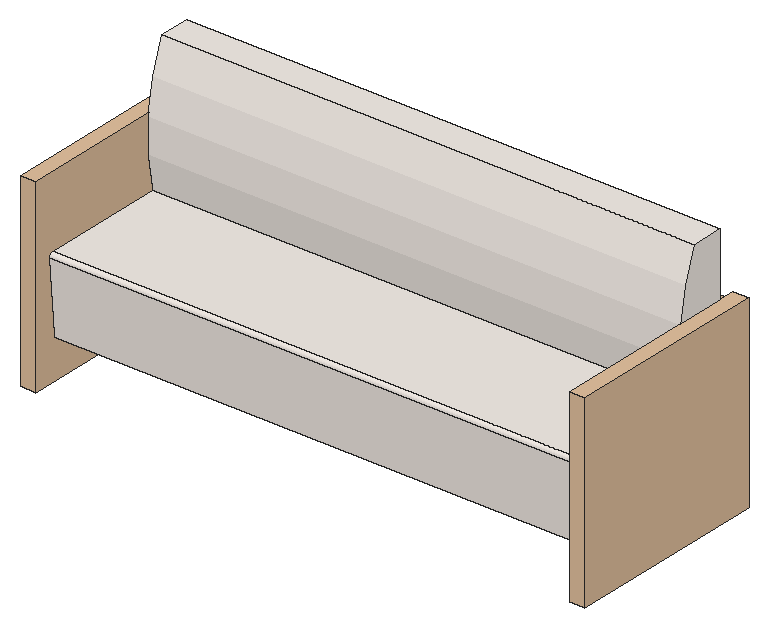
Revit family "94edb083084e412eae5047b0541fb0d7", category Furniture, Revit 2021
Family settings
  OmniClass Number = 23.40.20.14.14.14
  OmniClass Title = Settees, Sofas
  Seek Item ID = Sofa-0000-USA-ENU
  Work Plane-Based = No
  Always vertical = Yes
  Cut with Voids When Loaded = No
  Shared = No
  Room Calculation Point = No
Parameters (values of type "72"")
  Seat Material = Linen, Beige
  Frame Material = Cherry
  Default Elevation = 0' - 0"
  Assembly Code = "E2020200"
  Width = 6' - 0"
Types (3): name | Seat Material | Frame Material | Width
  (no name) | Linen, Beige | Cherry | 6' - 0"
  72" | Linen, Beige | Cherry | 6' - 0"
  54" | none | none | 4' - 6"
Reference planes (in)
  plane 1 "Center (Front/Back)": y = 5.7541
  plane 2: z = 0
  plane 3 "Center (Left/Right)": x = 2.77049
  plane 4: y = 18.7541
  plane 5: y = -7.2459
  plane 6: x = 38.77049
  plane 7: x = -33.22951
  plane 8: z = 32
  plane 9: x = -31.22951
  plane 10: y = 16.7541
  plane 11: x = 36.77049
  plane 12: y = -5.2459
Forms (in)
  Extrusion 1, solid, material "Cherry" <- "Frame Material"
    sketch origin (0, 0, 0) x (1, 0, 0) y (0, 1, 0)
      loop
        line (-31.22951, 18.7541) -> (-33.22951, 18.7541) -> (-33.22951, -7.2459) -> (-31.22951, -7.2459) -> (-31.22951, 18.7541)
      loop
        line (36.77049, 18.7541) -> (36.77049, -7.2459) -> (38.77049, -7.2459) -> (38.77049, 18.7541) -> (36.77049, 18.7541)
    from 0 to 24
  Extrusion 2, solid, material "Linen, Beige" <- "Seat Material"
    sketch origin (38.77049, 0, 0) x (0, -1, 0) y (0, 0, 1)
      loop
        line (4.70025, 15) -> (-11.26679, 15)
        arc (-11.26679, 15) -> (-10.57599, 23.6255) -> (-12.7541, 32) r 26
        line (-12.7541, 32) -> (-16.7541, 32) -> (-16.7541, 5.03805) -> (4.37434, 5.03805) -> (5.19834, 14.45642)
        arc (5.19834, 14.45642) -> (5.06889, 14.8378) -> (4.70025, 15) r 0.5
    from 2 to 70
  Extrusion 3, solid, material "Cherry"
    sketch origin (38.77049, 0, 0) x (0, -1, 0) y (0, 0, 1)
      loop
        line (-18.7541, 23) -> (-18.7541, 18) -> (-16.7541, 18) -> (-16.7541, 23) -> (-18.7541, 23)
      loop
        line (-18.7541, 15.5) -> (-18.7541, 10.5) -> (-16.7541, 10.5) -> (-16.7541, 15.5) -> (-18.7541, 15.5)
      loop
        line (-18.7541, 8) -> (-18.7541, 3) -> (-16.7541, 3) -> (-16.7541, 8) -> (-18.7541, 8)
    from 2 to 70
Lines and regions (in)
  Masking region 1
    outline origin (0, 0, 0) x (1, 0, 0) y (0, 1, 0)
      loop
        line (-33.22951, 18.7541) -> (-33.22951, -7.2459) -> (-31.22951, -7.2459) -> (-31.22951, -5.2459) -> (36.77049, -5.2459) -> (36.77049, -7.2459) -> (38.77049, -7.2459) -> (38.77049, 18.7541) -> (-33.22951, 18.7541)
  symbolic lines
    curve 1: line (-31.22951, 18.7541, 0) -> (36.77049, 18.7541, 0)
    curve 2: line (-31.22951, 16.7541, 0) -> (-31.22951, 18.7541, 0)
    curve 3: line (36.77049, 16.7541, 0) -> (-31.22951, 16.7541, 0)
    curve 4: line (36.77049, 18.7541, 0) -> (36.77049, 16.7541, 0)
    curve 5: line (38.77049, -7.2459, 0) -> (36.77049, -7.2459, 0)
    curve 6: line (38.77049, 18.7541, 0) -> (38.77049, -7.2459, 0)
    curve 7: line (36.77049, 18.7541, 0) -> (38.77049, 18.7541, 0)
    curve 8: line (-31.22951, -7.2459, 0) -> (-33.22951, -7.2459, 0)
    curve 9: line (-31.22951, 18.7541, 0) -> (-31.22951, -5.19834, 0)
    curve 10: line (-33.22951, 18.7541, 0) -> (-31.22951, 18.7541, 0)
    curve 11: line (-33.22951, -7.2459, 0) -> (-33.22951, 18.7541, 0)
    curve 12: line (36.77049, -5.19834, 0) -> (36.77049, 18.7541, 0)
    curve 13: line (-31.22951, 12.7541, 0) -> (36.77049, 12.7541, 0)
Dimensions and locks (in)
  equal spacing: plane 7, plane 3 "Center (Left/Right)", plane 6
  equal spacing: plane 5, plane 1 "Center (Front/Back)", plane 4
  "Width": plane 7 to plane 6
  locked: plane 4 to plane 10 at 2
  locked: plane 11 to plane 6 at 2
  locked: plane 7 to plane 9 at 2
  locked: plane 5 to plane 12 at 2
  locked: plane 10 to curve 13 at 4
  aligned and locked: Extrusion 2 to Extrusion 1
  aligned and locked: Extrusion 2 to Extrusion 3
  aligned and locked: Masking region 1 sketch curve to plane 7
  aligned and locked: plane 4 to Masking region 1 sketch curve
  aligned and locked: plane 6 to Masking region 1 sketch curve
  aligned and locked: Masking region 1 sketch curve to plane 5
  aligned and locked: plane 10 to curve 3
  aligned and locked: curve 12 to plane 11
  aligned and locked: plane 9 to curve 9
  aligned and locked: Masking region 1 sketch curve to plane 9
  aligned and locked: Masking region 1 sketch curve to plane 12
  aligned and locked: plane 11 to Masking region 1 sketch curve
  aligned and locked: plane 9 to Extrusion 2
  aligned and locked: Extrusion 1 to plane 9
  aligned and locked: plane 7 to Extrusion 1
Automatic sketch dimensions
  Extrusion 1 sketch curve to plane 5 = 0' - 0"  (x2)
  Extrusion 1 sketch curve to plane 7 = 0' - 2"
  Extrusion 1 sketch curve to plane 4 = 0' - 0"  (x2)
  Extrusion 1 sketch curve to plane 6 = 0' - 0"
  Extrusion 1 sketch curve to Extrusion 1 sketch curve = 0' - 2"
  plane 6 to Extrusion 1 sketch curve = 0' - 2"
  Extrusion 2 sketch curve to plane 8 = 0' - 0"
  Extrusion 2 sketch curve to plane 4 = 1' - 5.72296"
  plane 4 to Extrusion 2 sketch curve = 0' - 2"
  Extrusion 2 sketch curve to Extrusion 2 sketch curve = 0' - 4"
  Extrusion 2 sketch curve to plane 1 "Center (Front/Back)" = 0' - 5.51269"
  Extrusion 2 sketch curve to plane 5 = 0' - 2.87156"
  Extrusion 2 sketch curve to plane 5 = 0' - 2.54565"
  Extrusion 2 sketch curve to Extrusion 2 sketch curve = 0' - 0.4981"
  level to Extrusion 2 sketch curve = 1' - 9.35945"
  Extrusion 2 sketch curve to Extrusion 2 sketch curve = 0' - 0 1/2"
  level to Extrusion 2 sketch curve = 0' - 5.03805"
  Extrusion 3 sketch curve to plane 4 = 0' - 0"  (x3)
  plane 4 to Extrusion 3 sketch curve = 0' - 2"  (x3)
  level to Extrusion 3 sketch curve = 0' - 3"
  Extrusion 3 sketch curve to Extrusion 3 sketch curve = 0' - 5"  (x3)
  Extrusion 3 sketch curve to Extrusion 3 sketch curve = 0' - 2 1/2"  (x2)
  Masking region 1 sketch curve to plane 5 = 0' - 0"
  curve 11 to plane 4 = 0' - 0"
  curve 11 to plane 7 = 0' - 0"
  curve 8 to plane 5 = 0' - 0"
  curve 8 to plane 9 = 0' - 0"
  curve 5 to plane 5 = 0' - 0"
  curve 5 to plane 11 = 0' - 0"
  curve 6 to plane 6 = 0' - 0"
  plane 12 to curve 9 = 0' - 0.04756"
  plane 12 to curve 12 = 0' - 0.04756"
